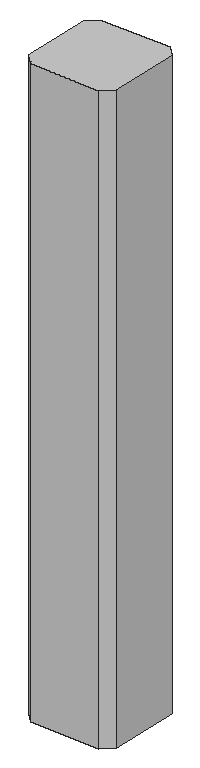
Revit family "Chamfered Column", category 기둥, Revit 2026
Family settings
  로드될 때 보이드를 사용하여 절단 = 아니오
  자동으로 형상을 벽에 결합합니다 = 예
  공유 = 아니오
  평면도에서 미리 절단된 패밀리 표시 = 예
Parameters (values of type "450 x 450mm")
  키노트 = "G"
  Depth = 450 mm
  Material = Concrete - Cast-in-Place Concrete
  Offset Base = 0 mm
  Offset Top = 0 mm
  Width = 450 mm
Types (4, lengths in mm): name | Depth | Width
  (no name) | 450 | 450
  450 x 450mm | 450 | 450
  450 x 600mm | 600 | 450
  600 x 600mm | 600 | 600
Reference planes
  plane 1 "Center (Front/Back)": y = 0
  plane 2: z = 0
  plane 3 "Center (Left/Right)": x = 15.208
  plane 4 "Left": x = -209.792
  plane 5 "Right": x = 240.208
  plane 6 "Back": y = 225
  plane 7 "Front": y = -225
  plane 8: z = 3000
  plane 9: z = 0
Forms (mm)
  Extrusion 1, solid, material "Concrete - Cast-in-Place Concrete" <- "Material"
    sketch origin (0, 0, 0) x (1, 0, 0) y (0, 1, 0)
      loop
        line (-158.792, 225) -> (-209.792, 174) -> (-209.792, -174) -> (-158.792, -225) -> (189.208, -225) -> (240.208, -174) -> (240.208, 174) -> (189.208, 225) -> (-158.792, 225)
    from 0 to 3000
Dimensions and locks
  equal spacing: plane 4 "Left", plane 3 "Center (Left/Right)", plane 5 "Right"
  equal spacing: plane 7 "Front", plane 1 "Center (Front/Back)", plane 6 "Back"
  "Width": plane 4 "Left" to plane 5 "Right"
  "Depth": plane 7 "Front" to plane 6 "Back"
  "Offset Top": level to plane 8
  "Offset Base": plane 9 to level
  aligned and locked: Extrusion 1 to plane 9
  aligned and locked: plane 8 to Extrusion 1
Automatic sketch dimensions
  Extrusion 1 sketch curve to plane 4 "Left" = 0 mm
  Extrusion 1 sketch curve to plane 7 "Front" = 0 mm
  Extrusion 1 sketch curve to plane 6 "Back" = 0 mm
  Extrusion 1 sketch curve to plane 5 "Right" = 0 mm
  Extrusion 1 sketch curve to plane 4 "Left" = 51 mm  (x2)
  plane 5 "Right" to Extrusion 1 sketch curve = 51 mm  (x2)
  Extrusion 1 sketch curve to plane 7 "Front" = 51 mm  (x2)
  plane 6 "Back" to Extrusion 1 sketch curve = 51 mm  (x2)
